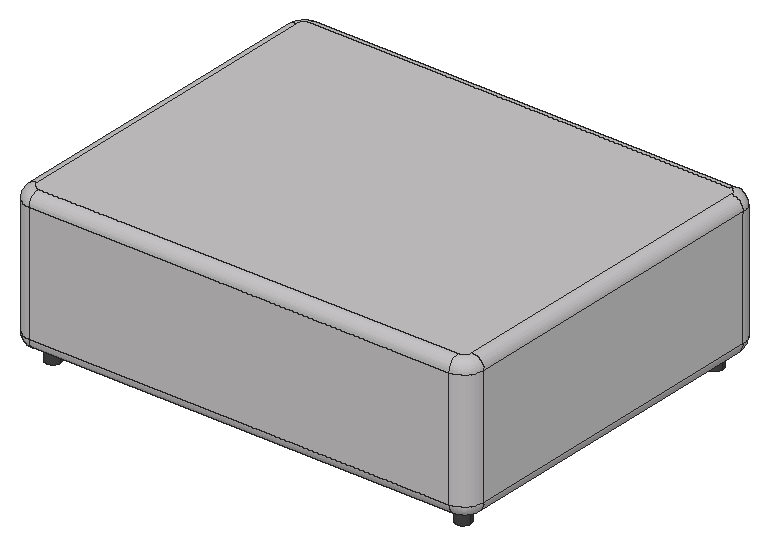
Revit family "FU_Chair_Sandler_ENTROPY_ENT0035TA", category Furniture, Revit 2020
Family settings
  OmniClass Number = 23.21.23.15.17
  Work Plane-Based = Yes
  Always vertical = No
  Cut with Voids When Loaded = No
  Shared = No
  Room Calculation Point = No
Parameters (values of type "ENTROPY ENT0035TA")
  Youtube clip = ""
  Width = 1200.000 mm  # constant formula
  Uniformat II Description = "Movable Furnishings"
  Uniformat II Code = ""
  Uniclass 2015 Name = ""
  Uniclass 2015 Code = ""
  Uniclass 2.0 Description = ""
  Uniclass 2.0 Code = ""
  Uniclass 1.4 Description = ""
  Uniclass 1.4 Code = ""
  UNSPSC Code = ""
  Technical description = ""
  Seat Material = Leather - Gaja - 60005
  Frame Material = Steel - Frame - Black
  Region South America = "All"
  Region Oceania = "All"
  Region North America = "All"
  Region Middle East = "All"
  Region Europe = "All"
  Region Asia = "All"
  Region Antarctica = "All"
  Region Africa = "All"
  QR code = ""
  Product url = "https://www.sandlerseating.com/product/ent0035ta/"
  Product name = ""
  Product group = "Chair"
  Product family = "Furniture"
  Product data url = "https://www.sandlerseating.com/product/ent0035ta/"
  Product certification = ""
  Product SKU = ""
  Product Guid = ""
  OmniClass Description = ""
  OmniClass Code = "23-21 23 15 17"
  NBS Reference Description = ""
  NBS Reference Code = ""
  Model = "ENTROPY ENT0035TA"
  Masterformat 2014 Description = "Chair Mats"
  Masterformat 2014 Code = "12 48 43.13"
  Manufacturer name = "Sandler"
  Manufacturer country = "UK"
  Manufacturer = "Sandler"
  Installation instructions = ""
  IFC Classification = "Furnishing Element"
  GTIN code = ""
  Edition number = 1
  Design country = "UK"
  Description = "Chair"
  Depth = 950.000 mm  # constant formula
  Default Elevation = 0.000 mm
  Date of publishing = ""
  COBIe Type Category = ""
  Brand url = "https://www.sandlerseating.com/"
  BIMobject main category code = "furniture"
  BIMobject main category = "Furniture"
  BIMobject category code = "furniture-chair"
  BIMobject category = "Chair"
Reference planes
  plane 1 "Center Front/Back": y = 0
  plane 2: z = 0
  plane 3 "Center Left/Right": x = 0
  plane 4: y = 475
  plane 5: y = -475
  plane 6: x = -600
  plane 7: x = 600
  plane 8: z = 410
  plane 9: z = 40
  plane 10: x = -562.5
  plane 11: x = 562.5
  plane 12: y = -437.5
  plane 13: y = 437.5
Forms (mm)
  Extrusion 1, solid, material "Leather - Gaja - 60005" <- "Seat Material"
    sketch origin (0, 0, 0) x (1, 0, 0) y (0, 1, 0)
      loop
        arc (-550, 475) -> (-585.355, 460.355) -> (-600, 425) r 50
        line (-600, 425) -> (-600, -425)
        arc (-600, -425) -> (-585.355, -460.355) -> (-550, -475) r 50
        line (-550, -475) -> (550, -475)
        arc (550, -475) -> (585.355, -460.355) -> (600, -425) r 50
        line (600, -425) -> (600, 425)
        arc (600, 425) -> (585.355, 460.355) -> (550, 475) r 50
        line (550, 475) -> (-550, 475)
    from 40 to 410
  Sweep 2, void
    path in 3D
      loop
        arc (550, -475, 410) -> (585.355, -460.355, 410) -> (600, -425, 410) r 50
        line (600, -425, 410) -> (600, 425, 410)
        arc (600, 425, 410) -> (585.355, 460.355, 410) -> (550, 475, 410) r 50
        line (550, 475, 410) -> (-550, 475, 410)
        arc (-550, 475, 410) -> (-585.355, 460.355, 410) -> (-600, 425, 410) r 50
        line (-600, 425, 410) -> (-600, -425, 410)
        arc (-600, -425, 410) -> (-585.355, -460.355, 410) -> (-550, -475, 410) r 50
        line (-550, -475, 410) -> (550, -475, 410)
    profile origin (0, -475, 410) x (0, 1, 0) y (0, 0, 1)
      loop
        line (0, 0) -> (0, -30)
        arc (0, -30) -> (8.787, -8.787) -> (30, 0) r 30
        line (30, 0) -> (0, 0)
      loop
        line (0, -370) -> (30, -370)
        arc (30, -370) -> (8.787, -361.213) -> (0, -340) r 30
        line (0, -340) -> (0, -370)
  Extrusion 3, solid, material "Steel - Frame - Black" <- "Frame Material"
    sketch origin (0, 0, 0) x (1, 0, 0) y (0, 1, 0)
      loop
        circle (537.5, -412.5) r 20
      loop
        circle (537.5, 412.5) r 20
      loop
        circle (-537.5, 412.5) r 20
      loop
        circle (-537.5, -412.5) r 20
    from 0 to 40
Cuts and joins
  Sweep 2 cuts Extrusion 1
Lines and regions (mm)
  sketch lines
    curve 1: line (-550, -475, 410) -> (550, -475, 410)
    curve 2: arc (600, -425, 410) -> (585.355, -460.355, 410) -> (550, -475, 410) r 50
    curve 3: line (600, -425, 410) -> (600, 425, 410)
    curve 4: arc (550, 475, 410) -> (585.355, 460.355, 410) -> (600, 425, 410) r 50
    curve 5: line (550, 475, 410) -> (-550, 475, 410)
    curve 6: arc (-600, 425, 410) -> (-585.355, 460.355, 410) -> (-550, 475, 410) r 50
    curve 7: line (-600, 425, 410) -> (-600, -425, 410)
    curve 8: arc (-550, -475, 410) -> (-585.355, -460.355, 410) -> (-600, -425, 410) r 50
Dimensions and locks
  equal spacing: plane 4, plane 1 "Center Front/Back", plane 5
  "Depth": plane 4 to plane 5
  equal spacing: plane 6, plane 3 "Center Left/Right", plane 7
  "Width": plane 6 to plane 7
  locked: plane 11 to plane 7 at 37.5
  locked: plane 6 to plane 10 at 37.5
  locked: plane 4 to plane 13 at 37.5
  locked: plane 12 to plane 5 at 37.5
  aligned and locked: level to plane 2
  aligned and locked: Extrusion 1 sketch curve to plane 4
  aligned and locked: plane 5 to Extrusion 1 sketch curve
  aligned and locked: Extrusion 1 sketch curve to plane 7
Automatic sketch dimensions
  Extrusion 1 sketch curve to plane 4 = 50.000 mm
  plane 10 to Extrusion 1 sketch curve = 12.500 mm  (x2)
  Extrusion 1 sketch curve to plane 11 = 12.500 mm  (x2)
  Extrusion 1 sketch curve to plane 6 = 0.000 mm
  Sweep 2 sketch curve to profile plane = 0.000 mm  (x3)
  Sweep 2 sketch curve to profile plane = 30.000 mm
  Sweep 2 sketch curve to Sweep 2 sketch curve = 30.000 mm
  Sweep 2 sketch curve to Sweep 2 sketch curve = 310.000 mm
  plane 10 to Extrusion 3 sketch curve = 25.000 mm  (x2)
  Extrusion 3 sketch curve to plane 11 = 25.000 mm  (x2)
  plane 12 to Extrusion 3 sketch curve = 25.000 mm  (x2)
  Extrusion 3 sketch curve to plane 13 = 25.000 mm  (x2)
  radius of Extrusion 3 sketch curve = 20.000 mm  (x4)
